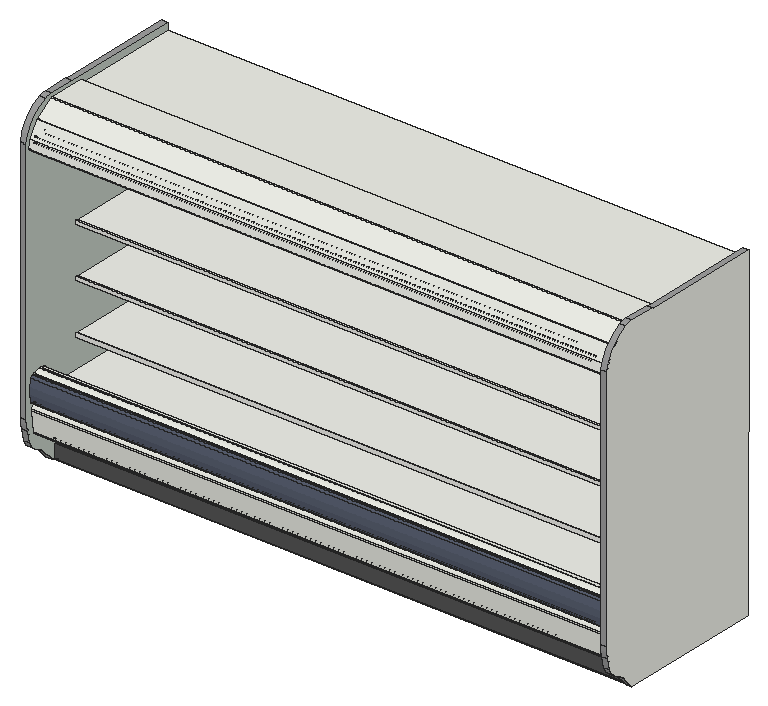
Revit family "ID5SM-R_2014", category Specialty Equipment, Revit 2014 (continued)
Definition of nested family "Floor Support-Skid-ID5SM-R"
  Automatic sketch dimensions
    Extrusion 1 sketch curve to Extrusion 1 sketch curve = 0.21781"  (x2)
    level to Extrusion 1 sketch curve = 0.38704"  (x2)
    Extrusion 1 sketch curve to Extrusion 1 sketch curve = 0.11249"  (x2)
    Extrusion 1 sketch curve to Extrusion 1 sketch curve = 0.12536"  (x3)
    plane 1 "Back" to Extrusion 1 sketch curve = 12.6429"
    plane 3 "Top" to Extrusion 1 sketch curve = 4.42727"
    plane 1 "Back" to Extrusion 1 sketch curve = 8.94938"
    level to Extrusion 1 sketch curve = 0.26169"
    Extrusion 1 sketch curve to Extrusion 1 sketch curve = 0.88146"
    Extrusion 1 sketch curve to Extrusion 1 sketch curve = 0.89717"
    Extrusion 1 sketch curve to Extrusion 1 sketch curve = 1.59462"
    level to Extrusion 1 sketch curve = 0.4865"
    Extrusion 1 sketch curve to Extrusion 1 sketch curve = 0.3075"
    Extrusion 1 sketch curve to Extrusion 1 sketch curve = 0.06849"
    Extrusion 1 sketch curve to Extrusion 1 sketch curve = 0.0041"
    Extrusion 1 sketch curve to Extrusion 1 sketch curve = 0.00416"
    Extrusion 1 sketch curve to Extrusion 1 sketch curve = 0.0025"
    Extrusion 1 sketch curve to Extrusion 1 sketch curve = 0.00422"
    Extrusion 1 sketch curve to Extrusion 1 sketch curve = 0.05424"
    Extrusion 1 sketch curve to Extrusion 1 sketch curve = 0.18529"
    plane 1 "Back" to Extrusion 1 sketch curve = 0.35028"
    Extrusion 1 sketch curve to Extrusion 1 sketch curve = 0.21783"
    Extrusion 1 sketch curve to Extrusion 1 sketch curve = 0.09018"
    plane 3 "Top" to Extrusion 1 sketch curve = 0.00152"
    plane 1 "Back" to Extrusion 1 sketch curve = 0"
    Extrusion 1 sketch curve to level = 21.91896"
    Extrusion 1 sketch curve to Extrusion 1 sketch curve = 0.12321"
    level to Extrusion 1 sketch curve = 0.24594"
    Extrusion 1 sketch curve to Extrusion 1 sketch curve = 0.15577"  (x2)
    Extrusion 1 sketch curve to Extrusion 1 sketch curve = 33/256"
    Extrusion 1 sketch curve to Extrusion 1 sketch curve = 0.30804"
    level to Extrusion 1 sketch curve = 0.49286"  (x2)
    Extrusion 1 sketch curve to Extrusion 1 sketch curve = 0.95358"
    Extrusion 1 sketch curve to Extrusion 1 sketch curve = 2.98161"
    Extrusion 1 sketch curve to Extrusion 1 sketch curve = 0.23503"
    Extrusion 1 sketch curve to Extrusion 1 sketch curve = 0.23814"
    Extrusion 1 sketch curve to Extrusion 1 sketch curve = 0.52985"
    Extrusion 1 sketch curve to Extrusion 1 sketch curve = 0.14324"
    Extrusion 1 sketch curve to Extrusion 1 sketch curve = 0.23845"
    Extrusion 1 sketch curve to Extrusion 1 sketch curve = 0.00323"
    Extrusion 1 sketch curve to Extrusion 1 sketch curve = 2.24556"
    Extrusion 1 sketch curve to Extrusion 1 sketch curve = 0.21406"
    Extrusion 2 sketch curve to plane 6 "Front" = 0"
    plane 4 "Left" to Extrusion 2 sketch curve = 0.00078"
    plane 4 "Left" to Extrusion 2 sketch curve = 0.37619"
    Extrusion 2 sketch curve to Extrusion 2 sketch curve = 1.00789"
    Extrusion 2 sketch curve to Extrusion 2 sketch curve = 0.33996"
    Extrusion 2 sketch curve to plane 7 "Center (Left/Right)" = 1.19826"
    Extrusion 2 sketch curve to Extrusion 2 sketch curve = 0.15604"
    Extrusion 2 sketch curve to plane 6 "Front" = 0.00122"
    plane 7 "Center (Left/Right)" to Extrusion 2 sketch curve = 1.04221"
    plane 7 "Center (Left/Right)" to Extrusion 2 sketch curve = 1.19826"
    Extrusion 2 sketch curve to Extrusion 2 sketch curve = 1.34723"
    Extrusion 2 sketch curve to Extrusion 2 sketch curve = 0.33642"
    Extrusion 2 sketch curve to plane 5 "Right" = 0.37619"
    plane 6 "Front" to Extrusion 2 sketch curve = 0.15483"
    Extrusion 2 sketch curve to Extrusion 2 sketch curve = 0.15483"
    Extrusion 2 sketch curve to Extrusion 2 sketch curve = 4.87073"
    Extrusion 2 sketch curve to Extrusion 2 sketch curve = 0"  (x2)
    Extrusion 2 sketch curve to Extrusion 2 sketch curve = 1.14396"  (x2)
    Extrusion 2 sketch curve to Extrusion 2 sketch curve = 0.00152"
    Extrusion 2 sketch curve to Extrusion 2 sketch curve = 0.35509"
    Extrusion 2 sketch curve to Extrusion 2 sketch curve = 0.35662"
    plane 1 "Back" to Extrusion 2 sketch curve = 8.49146"
    plane 1 "Back" to Extrusion 2 sketch curve = 0.41455"  (x2)
    Extrusion 2 sketch curve to plane 5 "Right" = 0.00078"
Definition of nested family "Floor Support-Side Skid-ID5SM-R"
  Parameters (values of type "Floor Support-Side Skid")
    Width = 8 69/128"
    URL = "www.hussmann.com"
    Type Comments = ""
    Revit Family Date = "11/19/2015"  # constant formula
    Model = ""
    Manufacturer = "Hussmann Corporation"
    Height = 10.26407"
    Floor Support = Stainless Steel
    Description = ""
    Depth = 35.02835"
    Assembly Code = ""
    Accessories/Options = ""
  Reference planes (in)
    plane 1 "Back": y = 0
    plane 2 "Bottom": z = 0
    plane 3 "Top": z = 10.26407
    plane 4 "Right": x = 6.29458
    plane 5 "Front": y = -35.02835
    plane 6 "Center (Left/Right)": x = 2.02504
  Forms (in)
    Extrusion 1, solid, material "Stainless Steel" <- "Floor Support"
      sketch origin (2.02504, 0, 0) x (0, 1, 0) y (0, 0, 1)
        loop
          line (-29.40639, 5.83681) -> (-27.20286, 4.66023)
          arc (-27.20286, 4.66023) -> (-27.1357, 4.59907) -> (-27.10579, 4.5133) r 0.18482
          line (-27.10579, 4.5133) -> (-27.05944, 3.98345) -> (-26.97437, 3.17009) -> (-27.68576, 3.17009) -> (-34.8125, 1.51325) -> (-34.8125, 0.55967) -> (-34.8125, 0.40391) -> (-26.8256, 0.40391) -> (-26.8256, 0.55967) -> (-26.66101, 0.55967)
          arc (-26.66101, 0.55967) -> (-26.55131, 0.46488) -> (-26.4104, 0.43076) r 0.30804
          line (-26.4104, 0.43076) -> (-26.14336, 0.43076)
          arc (-26.14336, 0.43076) -> (-26.05095, 0.406) -> (-25.9833, 0.33835) r 0.18482
          arc (-25.9833, 0.33835) -> (-25.87055, 0.2256) -> (-25.71653, 0.18433) r 0.30804
          line (-25.71653, 0.18433) -> (-25.38561, 0.18433) -> (-25.22188, 0.18433) -> (-25.04019, 0.18433)
          arc (-25.04019, 0.18433) -> (-24.99254, 0.17474) -> (-24.9523, 0.14746) r 0.12321
          arc (-24.9523, 0.14746) -> (-24.79134, 0.03836) -> (-24.60071, 0) r 0.49286
          arc (-24.60071, 0) -> (-24.41009, 0.03836) -> (-24.24913, 0.14746) r 0.49286
          arc (-24.24913, 0.14746) -> (-24.20889, 0.17474) -> (-24.16124, 0.18433) r 0.12321
          line (-24.16124, 0.18433) -> (-23.73904, 0.18433) -> (-23.5753, 0.18433) -> (-17.67662, 0.18433)
          arc (-17.67662, 0.18433) -> (-17.55874, 0.20778) -> (-17.4588, 0.27455) r 0.30804
          line (-17.4588, 0.27455) -> (-17.34631, 0.38704)
          arc (-17.34631, 0.38704) -> (-17.30507, 0.41774) -> (-17.25677, 0.43531) r 0.17728
          arc (-17.25677, 0.43531) -> (-12.64597, 0.90587) -> (-8.03518, 0.43531) r 22.82483
          arc (-8.03518, 0.43531) -> (-7.98687, 0.41774) -> (-7.94563, 0.38704) r 0.17728
          line (-7.94563, 0.38704) -> (-7.83314, 0.27455)
          arc (-7.83314, 0.27455) -> (-7.73321, 0.20778) -> (-7.61533, 0.18433) r 0.30804
          line (-7.61533, 0.18433) -> (-6.71816, 0.18433) -> (-6.55442, 0.18433) -> (-6.13222, 0.18433)
          arc (-6.13222, 0.18433) -> (-6.08457, 0.17474) -> (-6.04433, 0.14746) r 0.12321
          arc (-6.04433, 0.14746) -> (-5.88337, 0.03836) -> (-5.69274, 0) r 0.49286
          arc (-5.69274, 0) -> (-5.50212, 0.03836) -> (-5.34116, 0.14746) r 0.49286
          arc (-5.34116, 0.14746) -> (-5.30092, 0.17474) -> (-5.25326, 0.18433) r 0.12321
          line (-5.25326, 0.18433) -> (-5.07158, 0.18433) -> (-4.90785, 0.18433) -> (-3.31322, 0.18433)
          arc (-3.31322, 0.18433) -> (-3.09766, 0.27252) -> (-3.00573, 0.4865) r 0.30754
          line (-3.00573, 0.4865) -> (-2.93724, 3.46811) -> (-2.93314, 3.70314) -> (-2.92898, 3.94128) -> (-2.92648, 4.08452) -> (-2.92226, 4.32621)
          arc (-2.92226, 4.32621) -> (-2.90756, 4.39537) -> (-2.86802, 4.454) r 0.18531
          line (-2.86802, 4.454) -> (-0.13552, 6.56853)
          arc (-0.13552, 6.56853) -> (-0.06948, 6.66674) -> (-0.04533, 6.78259) r 0.30804
          line (-0.04533, 6.78259) -> (-0.00307, 10.26255) -> (-8.95245, 5.83681) -> (-29.40639, 5.83681)
      from 0 to 12
    Extrusion 2, void
      sketch origin (0, 0, 0) x (1, 0, 0) y (0, 1, 0)
        loop
          line (14.02504, -35.02835) -> (14.02504, 0) -> (5.38231, 0)
          spline (5.38231, 0) -> (5.40672, -0.00283) -> (5.43057, -0.00762) -> (5.45344, -0.01553) -> (5.47494, -0.02641) -> (5.49471, -0.04008) -> (5.5124, -0.0563) -> (5.52772, -0.0748) -> (5.5404, -0.09525) -> (5.55022, -0.11732) -> (5.55702, -0.14062) -> (5.56069, -0.16476) -> (5.56115, -0.18932)
          line (5.56115, -0.18932) -> (5.55648, -0.28992)
          spline (5.55648, -0.28992) -> (5.55668, -0.29858) -> (5.55808, -0.30707) -> (5.56067, -0.31522) -> (5.56438, -0.32289) -> (5.56914, -0.32991) -> (5.57487, -0.33616) -> (5.58145, -0.34151) -> (5.58875, -0.34585) -> (5.59663, -0.34911) -> (5.60495, -0.35122) -> (5.61353, -0.35214) -> (5.62221, -0.35186)
          line (5.62221, -0.35186) -> (6.24699, -0.35186)
          spline (6.24699, -0.35186) -> (6.25483, -0.35291) -> (6.26245, -0.35496) -> (6.26974, -0.35798) -> (6.27657, -0.36191) -> (6.28284, -0.36669) -> (6.28843, -0.37224) -> (6.29327, -0.37847) -> (6.29726, -0.38529) -> (6.30035, -0.39257) -> (6.30249, -0.4002) -> (6.30364, -0.40806) -> (6.30377, -0.41601)
          line (6.30377, -0.41601) -> (5.93475, -8.35546)
          spline (5.93475, -8.35546) -> (5.94252, -8.38235) -> (5.95325, -8.40819) -> (5.9668, -8.43267) -> (5.983, -8.45548) -> (6.00166, -8.47632) -> (6.02253, -8.49495) -> (6.04536, -8.51112) -> (6.06985, -8.52464) -> (6.09571, -8.53533) -> (6.12262, -8.54307) -> (6.15022, -8.54775) -> (6.17818, -8.54932)
          line (6.17818, -8.54932) -> (7.49155, -8.54932)
          spline (7.49155, -8.54932) -> (7.55681, -8.55359) -> (7.62092, -8.56632) -> (7.68281, -8.58731) -> (7.74141, -8.61619) -> (7.79573, -8.65247) -> (7.84484, -8.69554) -> (7.8879, -8.74465) -> (7.92418, -8.79896) -> (7.95307, -8.85757) -> (7.97405, -8.91946) -> (7.98679, -8.98357) -> (7.99106, -9.04882)
          line (7.99106, -9.04882) -> (7.99106, -10.05058)
          spline (7.99106, -10.05058) -> (7.98679, -10.11584) -> (7.97405, -10.17995) -> (7.95307, -10.24184) -> (7.92418, -10.30044) -> (7.8879, -10.35476) -> (7.84484, -10.40387) -> (7.79573, -10.44693) -> (7.74141, -10.48322) -> (7.68281, -10.5121) -> (7.62092, -10.53308) -> (7.55681, -10.54582) -> (7.49155, -10.55009)
          line (7.49155, -10.55009) -> (6.17818, -10.55009)
          spline (6.17818, -10.55009) -> (6.14556, -10.55223) -> (6.1135, -10.5586) -> (6.08256, -10.56909) -> (6.05325, -10.58353) -> (6.02609, -10.60167) -> (6.00154, -10.6232) -> (5.98001, -10.64776) -> (5.96187, -10.67492) -> (5.94743, -10.70422) -> (5.93693, -10.73516) -> (5.93056, -10.76722) -> (5.92843, -10.79985)
          line (5.92843, -10.79985) -> (5.92843, -20.86744)
          spline (5.92843, -20.86744) -> (5.93056, -20.90006) -> (5.93693, -20.93212) -> (5.94743, -20.96307) -> (5.96187, -20.99237) -> (5.98001, -21.01953) -> (6.00154, -21.04408) -> (6.02609, -21.06561) -> (6.05325, -21.08375) -> (6.08256, -21.09819) -> (6.1135, -21.10869) -> (6.14556, -21.11506) -> (6.17818, -21.11719)
          line (6.17818, -21.11719) -> (7.49155, -21.11719)
          spline (7.49155, -21.11719) -> (7.55681, -21.12146) -> (7.62092, -21.1342) -> (7.68281, -21.15519) -> (7.74141, -21.18407) -> (7.79573, -21.22035) -> (7.84484, -21.26341) -> (7.8879, -21.31252) -> (7.92418, -21.36684) -> (7.95307, -21.42544) -> (7.97405, -21.48733) -> (7.98679, -21.55145) -> (7.99106, -21.6167)
          line (7.99106, -21.6167) -> (7.99106, -22.61846)
          spline (7.99106, -22.61846) -> (7.98679, -22.68371) -> (7.97405, -22.74783) -> (7.95307, -22.80972) -> (7.92418, -22.86832) -> (7.8879, -22.92264) -> (7.84484, -22.97175) -> (7.79573, -23.01481) -> (7.74141, -23.05109) -> (7.68281, -23.07997) -> (7.62092, -23.10096) -> (7.55681, -23.1137) -> (7.49155, -23.11797)
          line (7.49155, -23.11797) -> (6.17818, -23.11797)
          spline (6.17818, -23.11797) -> (6.14556, -23.1201) -> (6.1135, -23.12647) -> (6.08256, -23.13697) -> (6.05325, -23.15141) -> (6.02609, -23.16955) -> (6.00154, -23.19108) -> (5.98001, -23.21563) -> (5.96187, -23.24279) -> (5.94743, -23.27209) -> (5.93693, -23.30304) -> (5.93056, -23.33509) -> (5.92843, -23.36772)
          line (5.92843, -23.36772) -> (5.92843, -28.5022)
          arc (5.92843, -28.5022) -> (5.61912, -29.41396) -> (4.81992, -29.95052) r 1.5006
          line (4.81992, -29.95052) -> (4.81992, -34.87353) -> (4.66388, -34.87353) -> (4.66388, -35.02835) -> (14.02504, -35.02835)
        loop
          line (2.4234, -30.0028) -> (2.02504, -30.0028) -> (2.02504, -35.02835) -> (2.57945, -35.02835) -> (2.57945, -34.87353) -> (2.4234, -34.87353) -> (2.4234, -30.0028)
      from 0 to 10.26407
  Cuts and joins
    Extrusion 2 cuts Extrusion 1
  Dimensions and locks (in)
    plane 6 "Center (Left/Right)" to plane 4 "Right" = 4 69/256"
    "Depth": plane 5 "Front" to plane 1 "Back"
    "Height": plane 3 "Top" to level
  Automatic sketch dimensions
    Extrusion 1 sketch curve to Extrusion 1 sketch curve = 0.08705"
    level to Extrusion 1 sketch curve = 4.5133"
    Extrusion 1 sketch curve to Extrusion 1 sketch curve = 0.09706"
    level to Extrusion 1 sketch curve = 3.98345"
    Extrusion 1 sketch curve to Extrusion 1 sketch curve = 0.04636"
    Extrusion 1 sketch curve to Extrusion 1 sketch curve = 2.20353"
    level to Extrusion 1 sketch curve = 3.17009"
    Extrusion 1 sketch curve to Extrusion 1 sketch curve = 0.08507"
    Extrusion 1 sketch curve to Extrusion 1 sketch curve = 1.17658"
    Extrusion 1 sketch curve to Extrusion 1 sketch curve = 0.56396"
    Extrusion 1 sketch curve to Extrusion 1 sketch curve = 0.26705"
    Extrusion 1 sketch curve to Extrusion 1 sketch curve = 0.42683"
    Extrusion 1 sketch curve to Extrusion 1 sketch curve = 0.33092"
    Extrusion 1 sketch curve to Extrusion 1 sketch curve = 0.16374"  (x4)
    Extrusion 1 sketch curve to Extrusion 1 sketch curve = 1.48284"  (x2)
    Extrusion 1 sketch curve to Extrusion 1 sketch curve = 5.89869"
    level to Extrusion 1 sketch curve = 0.27455"  (x2)
    level to Extrusion 1 sketch curve = 0.38704"  (x2)
    Extrusion 1 sketch curve to Extrusion 1 sketch curve = 0.11249"  (x2)
    Extrusion 1 sketch curve to Extrusion 1 sketch curve = 0.12536"  (x3)
    plane 1 "Back" to Extrusion 1 sketch curve = 12.64597"
    plane 1 "Back" to Extrusion 1 sketch curve = 8.95245"
    level to Extrusion 1 sketch curve = 0.26169"
    Extrusion 1 sketch curve to Extrusion 1 sketch curve = 0.88146"
    level to Extrusion 1 sketch curve = 0.18433"
    Extrusion 1 sketch curve to Extrusion 1 sketch curve = 0.21781"  (x2)
    Extrusion 1 sketch curve to Extrusion 1 sketch curve = 0.89717"
    Extrusion 1 sketch curve to Extrusion 1 sketch curve = 1.59462"
    level to Extrusion 1 sketch curve = 0.4865"
    plane 1 "Back" to Extrusion 1 sketch curve = 2.93724"
    Extrusion 1 sketch curve to Extrusion 1 sketch curve = 0.0041"
    Extrusion 1 sketch curve to Extrusion 1 sketch curve = 0.00416"
    Extrusion 1 sketch curve to Extrusion 1 sketch curve = 0.0025"
    Extrusion 1 sketch curve to Extrusion 1 sketch curve = 0.00422"
    Extrusion 1 sketch curve to Extrusion 1 sketch curve = 0.05424"
    Extrusion 1 sketch curve to Extrusion 1 sketch curve = 0.13105"
    plane 1 "Back" to Extrusion 1 sketch curve = 0.35335"
    plane 1 "Back" to Extrusion 1 sketch curve = 0.13552"
    plane 1 "Back" to Extrusion 1 sketch curve = 0.04533"
    plane 3 "Top" to Extrusion 1 sketch curve = 0.00152"
    plane 1 "Back" to Extrusion 1 sketch curve = 0.00307"
    Extrusion 1 sketch curve to level = 21.91896"
    Extrusion 1 sketch curve to Extrusion 1 sketch curve = 0.18482"
    Extrusion 1 sketch curve to Extrusion 1 sketch curve = 0.30804"  (x2)
    Extrusion 1 sketch curve to Extrusion 1 sketch curve = 2.98161"
    Extrusion 1 sketch curve to Extrusion 1 sketch curve = 0.23503"
    Extrusion 1 sketch curve to Extrusion 1 sketch curve = 0.23814"
    Extrusion 1 sketch curve to Extrusion 1 sketch curve = 0.14324"
    Extrusion 1 sketch curve to Extrusion 1 sketch curve = 0.23845"
    Extrusion 1 sketch curve to Extrusion 1 sketch curve = 0.00323"
    Extrusion 1 sketch curve to Extrusion 1 sketch curve = 2.24556"
    Extrusion 1 sketch curve to Extrusion 1 sketch curve = 0.21406"
    plane 5 "Front" to Extrusion 1 sketch curve = 5.62196"
    Extrusion 1 sketch curve to Extrusion 1 sketch curve = 0.2506"
    Extrusion 1 sketch curve to Extrusion 1 sketch curve = 0"  (x7)
    Extrusion 1 sketch curve to level = 0"  (x2)
    Extrusion 1 sketch curve to Extrusion 1 sketch curve = 0.62116"  (x2)
    level to Extrusion 1 sketch curve = 0.14746"  (x4)
    plane 5 "Front" to Extrusion 1 sketch curve = 0.21586"
    Extrusion 1 sketch curve to Extrusion 1 sketch curve = 0.71139"
    Extrusion 1 sketch curve to Extrusion 1 sketch curve = 0.16459"
    level to Extrusion 1 sketch curve = 0.40391"
    Extrusion 1 sketch curve to Extrusion 1 sketch curve = 0.15577"  (x2)
    Extrusion 1 sketch curve to Extrusion 1 sketch curve = 0.95358"
    level to Extrusion 1 sketch curve = 0.06111"  (x4)
    Extrusion 1 sketch curve to Extrusion 1 sketch curve = 0.0879"
    Extrusion 1 sketch curve to Extrusion 1 sketch curve = 0.3075"
    plane 3 "Top" to Extrusion 1 sketch curve = 4.42727"
    Extrusion 2 sketch curve to plane 5 "Front" = 0"  (x2)
    plane 1 "Back" to Extrusion 2 sketch curve = 0"
    Extrusion 2 sketch curve to plane 4 "Right" = 1.8673"
    Extrusion 2 sketch curve to plane 4 "Right" = 1.6307"
    Extrusion 2 sketch curve to Extrusion 2 sketch curve = 0.15604"  (x2)
    plane 1 "Back" to Extrusion 2 sketch curve = 0.28992"
    Extrusion 2 sketch curve to plane 4 "Right" = 0.7381"
    plane 1 "Back" to Extrusion 2 sketch curve = 0.18932"
    Extrusion 2 sketch curve to Extrusion 2 sketch curve = 0.00468"
    Extrusion 2 sketch curve to Extrusion 2 sketch curve = 0.06573"
    Extrusion 2 sketch curve to plane 4 "Right" = 0.36615"  (x2)
    Extrusion 2 sketch curve to plane 4 "Right" = 0.11639"  (x4)
    Extrusion 2 sketch curve to plane 4 "Right" = 0.04759"
    plane 4 "Right" to Extrusion 2 sketch curve = 0.0092"
    plane 4 "Right" to Extrusion 2 sketch curve = 1.19698"  (x4)
    Extrusion 2 sketch curve to Extrusion 2 sketch curve = 0.49951"  (x6)
    plane 4 "Right" to Extrusion 2 sketch curve = 7 187/256"
    Extrusion 2 sketch curve to Extrusion 2 sketch curve = 0.15483"
    Extrusion 2 sketch curve to Extrusion 2 sketch curve = 4.92301"
    Extrusion 2 sketch curve to Extrusion 2 sketch curve = 1.44832"
    Extrusion 2 sketch curve to Extrusion 2 sketch curve = 5.13448"
    Extrusion 2 sketch curve to Extrusion 2 sketch curve = 0.24975"  (x3)
    Extrusion 2 sketch curve to Extrusion 2 sketch curve = 1.00176"  (x2)
    Extrusion 2 sketch curve to Extrusion 2 sketch curve = 10.06759"
    plane 1 "Back" to Extrusion 2 sketch curve = 0.41601"
    Extrusion 2 sketch curve to Extrusion 2 sketch curve = 0.06194"
    Extrusion 2 sketch curve to Extrusion 2 sketch curve = 0.31699"
    Extrusion 2 sketch curve to Extrusion 2 sketch curve = 0.1878"
    plane 1 "Back" to Extrusion 2 sketch curve = 0.00122"
    Extrusion 2 sketch curve to Extrusion 2 sketch curve = 0.00895"
    Extrusion 2 sketch curve to Extrusion 2 sketch curve = 0"  (x4)
    Extrusion 2 sketch curve to Extrusion 2 sketch curve = 0.00347"
    Extrusion 2 sketch curve to Extrusion 2 sketch curve = 0.04521"
    Extrusion 2 sketch curve to plane 4 "Right" = 0.35983"
    Extrusion 2 sketch curve to plane 4 "Right" = 0.11571"  (x4)
    Extrusion 2 sketch curve to plane 4 "Right" = 0.09056"
    Extrusion 2 sketch curve to plane 4 "Right" = 0.05279"
    plane 4 "Right" to Extrusion 2 sketch curve = 0.06162"  (x4)
    plane 4 "Right" to Extrusion 2 sketch curve = 0.84094"  (x2)
    Extrusion 2 sketch curve to Extrusion 2 sketch curve = 0.50088"  (x2)
    Extrusion 2 sketch curve to Extrusion 2 sketch curve = 0.00137"  (x2)
    Extrusion 2 sketch curve to Extrusion 2 sketch curve = 0.19386"
    plane 5 "Front" to Extrusion 2 sketch curve = 0.15483"
    plane 6 "Center (Left/Right)" to Extrusion 2 sketch curve = 0.39836"
    Extrusion 2 sketch curve to Extrusion 2 sketch curve = 0.05228"
    Extrusion 2 sketch curve to plane 6 "Center (Left/Right)" = 0"
Definition of nested family "Shelf"
  Parameters (values of type "Shelf")
    Width = 24"
    URL = "www.hussmann.com"
    Type Comments = "Shelf"
    Shelves = Sheet Metal (Steel Painted) - 700 Interior White
    Model = ""
    Manufacturer = "Hussmann Corporation"
    Height = 5"
    Description = ""
    Depth = 20"
    Assembly Code = ""
    Accessories/Options = ""
  Reference planes (in)
    plane 1 "Back": y = 0
    plane 2 "Bottom": z = 0
    plane 3 "Left": x = -77.30699
    plane 4 "Right": x = -53.30699
    plane 5 "Front": y = -20
    plane 6 "Center (Left/Right)": x = -65.30699
    plane 7: z = 5
  Forms (in)
    Extrusion 1, solid, material "Sheet Metal (Steel Painted) - 700 Interior White" <- "Shelves"
      sketch origin (-77.30699, 7.75, -64.26162) x (0, 1, 0) y (0, 0, 1)
        loop
          line (-7.75, 64.26162) -> (-7.75, 68.01162) -> (-8.5, 68.01162) -> (-8.5, 69.01162) -> (-27.5, 69.01162) -> (-27.5, 69.26162) -> (-27.75, 69.26162) -> (-27.75, 68.26162) -> (-27.5, 68.26162) -> (-27.5, 68.76162) -> (-26, 68.76162) -> (-26, 68.51162) -> (-13.81963, 68.51162) -> (-7.75, 64.26162)
      from 0 to 24
  Dimensions and locks (in)
    "Width": plane 4 "Right" to plane 3 "Left"
    equal spacing: plane 4 "Right", plane 6 "Center (Left/Right)", plane 3 "Left"
    "Depth": plane 1 "Back" to plane 5 "Front"
    "Height": level to plane 7
    aligned and locked: Extrusion 1 to plane 3 "Left"
    aligned and locked: plane 4 "Right" to Extrusion 1
  Automatic sketch dimensions
    Extrusion 1 sketch curve to plane 5 "Front" = 0"
    Extrusion 1 sketch curve to plane 1 "Back" = 0"
    plane 5 "Front" to Extrusion 1 sketch curve = 1/4"  (x2)
    Extrusion 1 sketch curve to Extrusion 1 sketch curve = 1 1/2"
    plane 1 "Back" to Extrusion 1 sketch curve = 6.06963"
    plane 1 "Back" to Extrusion 1 sketch curve = 3/4"
    Extrusion 1 sketch curve to Extrusion 1 sketch curve = 3 3/4"
    Extrusion 1 sketch curve to Extrusion 1 sketch curve = 1/2"  (x2)
    Extrusion 1 sketch curve to Extrusion 1 sketch curve = 1"
    Extrusion 1 sketch curve to Extrusion 1 sketch curve = 1/4"
    Extrusion 1 sketch curve to Extrusion 1 sketch curve = 3/4"
    Extrusion 1 sketch curve to level = 0"
Definition of nested family "Light"
  Parameters (values of type "Light")
    Wattage = 16.1571 W
    built-in parameter 1150110 = 1 (stored number, unit not read)
    built-in parameter 1114217 = 1 (stored number, unit not read)
    built-in parameter 1150109 = 1 (stored number, unit not read)
    built-in parameter 1150134 = (empty or 0)
    built-in parameter 1150113 = 1 (stored number, unit not read)
    Lumens = 2400 lm
    built-in parameter 1150115 = 1 (stored number, unit not read)
    built-in parameter 1150105 = 763.94 (stored number, unit not read)
    Light Source Symbol Size = 24"
    built-in parameter 1150137 = (empty or 0)
    built-in parameter 1150139 = (empty or 0)
    Lense = none
    Length = 24"
    built-in parameter 1150112 = 1 (stored number, unit not read)
    built-in parameter 1150114 = 1 (stored number, unit not read)
    built-in parameter 1150132 = 2
    built-in parameter 1150102 = (empty or 0)
    built-in parameter 1150138 = (empty or 0)
    built-in parameter 1150107 = 6100 (stored number, unit not read)
    built-in parameter 1150106 = 7.6394 (stored number, unit not read)
    Emit from Line Length = Length  # 24"
    built-in parameter 1150104 = 13.8 (stored number, unit not read)
    Dimming Lamp Color Temperature Shift = (empty or 0)
    Color Filter = 16777215
    Casing = none
    built-in parameter 1114218 = 1 (stored number, unit not read)
    built-in parameter 1150133 = 10 (stored number, unit not read)
  Reference planes (in)
    plane 1 "Light Source Axis (F/B)": y = -8.60801
    plane 2: z = 0
    plane 3 "Light Source Axis (L/R)": x = 0
    plane 4 "Light Source Elevation": z = 52.5
    plane 5: z = 0
    plane 6 "Left": x = -12
    plane 7 "Right": x = 12
  Lines and regions (in)
    model lines
      curve 1: line (-12, -8.60801, 52.5) -> (12, -8.60801, 52.5)
  Dimensions and locks (in)
    equal spacing: plane 7 "Right", plane 3 "Light Source Axis (L/R)", plane 6 "Left"
    "Length": plane 7 "Right" to plane 6 "Left"
    aligned and locked: plane 3 "Light Source Axis (L/R)" to imposter light
    aligned and locked: plane 1 "Light Source Axis (F/B)" to imposter light
    aligned and locked: plane 4 "Light Source Elevation" to imposter light
    aligned and locked: level to plane 5
  Automatic sketch dimensions
    plane 1 "Light Source Axis (F/B)" to curve 1 = 0"
    curve 1 to plane 6 "Left" = 0"
    curve 1 to plane 7 "Right" = 0"
Types (4): name | Width | Total Weight | Shelves | Refrig. Suction | Refrig. Liquid | Number of Supports | Case Weight | Case Interior - Side Panel | Bumper | 8 Case | 6 Case | 4 Case | 12 Case
  12'-0" Length | 144 3/8" | 1950.00 lbf | Sheet Metal (Steel Painted) - 700 Interior White | "" | "" | 4 | 1750.00 lbf | Mirror | Extruded PVC - 739 Royal Blue | no | no | no | yes
  4'-0" Length | 48 1/4" | 200.00 lbf | Sheet Metal (Steel Painted) - 701 Black | "Suction" | "Liquid" | 2 | 0.00 lbf | Sheet Metal (Steel Painted) - 700 Interior White | Extruded PVC - 747 Chocolate Brown | no | no | yes | no
  6'-0" Length | 72 1/4" | 1250.00 lbf | Sheet Metal (Steel Painted) - 701 Black | "Suction" | "Liquid" | 2 | 1050.00 lbf | Sheet Metal (Steel Painted) - 700 Interior White | Extruded PVC - 747 Chocolate Brown | no | yes | no | no
  8'-0" Length | 96 1/4" | 1500.00 lbf | Sheet Metal (Steel Painted) - 701 Black | "Suction" | "Liquid" | 3 | 1300.00 lbf | Sheet Metal (Steel Painted) - 700 Interior White | Extruded PVC - 747 Chocolate Brown | yes | no | no | no
